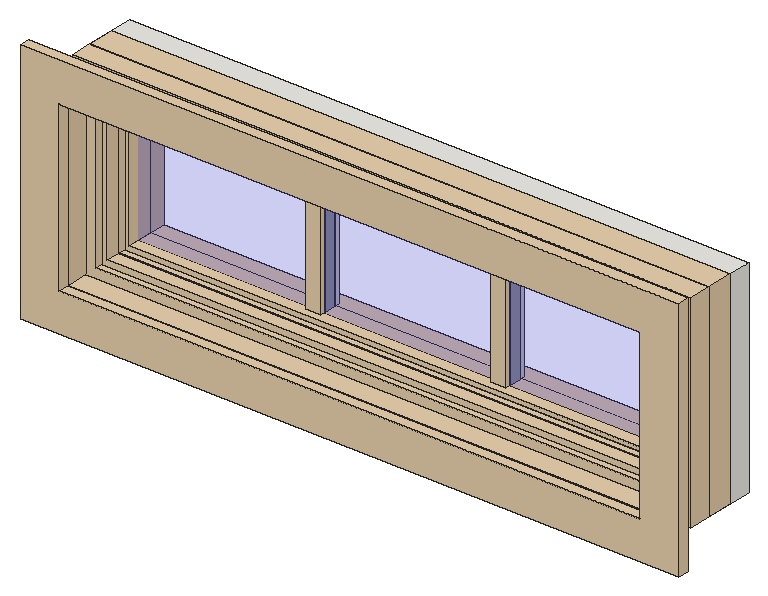
Revit family "1 Window-Transom_Fixed-Andersen-400_Series_Single", category Windows, host Wall, Revit 2014 (continued)
Dimensions and locks (in)
  aligned and locked: plane 8 "L Glazing" to Sweep 14 sketch curve
  aligned and locked: Sweep 14 sketch curve to plane 49 "Frame S2"
  aligned and locked: plane 10 "L Stop" to Sweep 14 sketch curve
  aligned and locked: Sweep 14 sketch curve to plane 48 "Sash1 S2"
  aligned and locked: plane 38 "B Ext Frame" to nested 1
  aligned and locked: plane 9 "L Ext Frame" to nested 1
  aligned and locked: nested 1 to plane 48 "Sash1 S2"
  aligned and locked: plane 46 "Frame S1" to curve 165
  aligned and locked: plane 59 "Sash1 S1" to curve 165
  aligned and locked: plane 19 "R Ext Frame" to curve 165
  aligned and locked: plane 19 "R Ext Frame" to curve 166
  aligned and locked: plane 18 "R Glazing" to curve 166
  aligned and locked: plane 59 "Sash1 S1" to curve 166
  aligned and locked: plane 46 "Frame S1" to curve 167
  aligned and locked: plane 59 "Sash1 S1" to curve 167
  aligned and locked: plane 9 "L Ext Frame" to curve 167
  aligned and locked: plane 9 "L Ext Frame" to curve 168
  aligned and locked: plane 59 "Sash1 S1" to curve 7
Automatic sketch dimensions
  curve 15 to curve 15 = 0' - 0 3/16"
  Sweep 12 sketch curve to profile plane = 0' - 0"
  curve 104 to curve 52 = 0' - 0.655"
  curve 52 to curve 58 = 0' - 0 7/16"
  curve 53 to curve 54 = 0' - 0 11/16"
  curve 54 to curve 64 = 0' - 0 7/8"
  curve 64 to curve 62 = 0' - 0 5/8"
  curve 62 to curve 56 = 0' - 0 1/4"
  curve 56 to curve 56 = 0' - 0 1/8"
  curve 107 to curve 104 = 0' - 0.595"
  curve 51 to curve 51 = 0' - 0.193"
  curve 54 to curve 60 = 0' - 0 1/8"
  curve 61 to curve 63 = 0' - 0 1/8"
  curve 65 to curve 50 = 0' - 0 7/8"
  curve 55 to curve 50 = 0' - 0.312"
  curve 54 to curve 64 = 0' - 0"
  curve 63 to curve 62 = 0' - 0.11677"
  curve 54 to curve 58 = 0' - 0.11677"
  curve 53 to curve 106 = 0' - 0.13323"
  curve 62 to curve 103 = 0' - 0 7/16"
  curve 52 to curve 107 = 0' - 0 5/16"
  curve 62 to curve 55 = 0' - 0.07073"
  curve 62 to curve 64 = 0' - 0.33573"
  curve 104 to curve 105 = 0' - 0.235"
  curve 55 to curve 55 = 0' - 1"
  curve 56 to curve 57 = 0' - 0 1/16"
  curve 59 to curve 63 = 0' - 0"
  curve 60 to curve 54 = 0' - 0"
  curve 54 to curve 61 = 0' - 0 1/8"
  curve 50 to curve 65 = 0' - 0 9/16"
  curve 65 to curve 65 = 0' - 1 5/8"
  curve 133 to curve 118 = 0' - 0.655"
  curve 118 to curve 124 = 0' - 0 7/16"
  curve 119 to curve 120 = 0' - 0 11/16"
  curve 120 to curve 130 = 0' - 0 7/8"
  curve 130 to curve 128 = 0' - 0 5/8"
  curve 128 to curve 122 = 0' - 0 1/4"
  curve 122 to curve 122 = 0' - 0 1/8"
  curve 136 to curve 133 = 0' - 0.595"
  curve 117 to curve 117 = 0' - 0.193"
  curve 120 to curve 126 = 0' - 0 1/8"
  curve 127 to curve 129 = 0' - 0 1/8"
  curve 131 to curve 116 = 0' - 0 7/8"
  curve 121 to curve 116 = 0' - 0.312"
  curve 120 to curve 130 = 0' - 0"
  curve 129 to curve 128 = 0' - 0.11677"
  curve 120 to curve 124 = 0' - 0.11677"
  curve 119 to curve 135 = 0' - 0.13323"
  curve 128 to curve 132 = 0' - 0 7/16"
  curve 118 to curve 136 = 0' - 0 5/16"
  curve 128 to curve 121 = 0' - 0.07073"
  curve 128 to curve 130 = 0' - 0.33573"
  curve 133 to curve 134 = 0' - 0.235"
  curve 121 to curve 121 = 0' - 1"
  curve 122 to curve 123 = 0' - 0 1/16"
  curve 125 to curve 129 = 0' - 0"
  curve 126 to curve 120 = 0' - 0"
  curve 120 to curve 127 = 0' - 0 1/8"
  curve 116 to curve 131 = 0' - 0 9/16"
  curve 131 to curve 131 = 0' - 1 5/8"
  curve 160 to curve 145 = 0' - 0.655"
  curve 145 to curve 151 = 0' - 0 7/16"
  curve 146 to curve 147 = 0' - 0 11/16"
  curve 147 to curve 157 = 0' - 0 7/8"
  curve 157 to curve 155 = 0' - 0 5/8"
  curve 155 to curve 149 = 0' - 0 1/4"
  curve 149 to curve 149 = 0' - 0 1/8"
  curve 163 to curve 160 = 0' - 0.595"
  curve 144 to curve 144 = 0' - 0.193"
  curve 147 to curve 153 = 0' - 0 1/8"
  curve 154 to curve 156 = 0' - 0 1/8"
  curve 158 to curve 143 = 0' - 0 7/8"
  curve 148 to curve 143 = 0' - 0.312"
  curve 147 to curve 157 = 0' - 0"
  curve 155 to curve 156 = 0' - 0.11677"
  curve 151 to curve 147 = 0' - 0.11677"
  curve 162 to curve 146 = 0' - 0.13323"
  curve 159 to curve 155 = 0' - 0 7/16"
  curve 163 to curve 145 = 0' - 0 5/16"
  curve 148 to curve 155 = 0' - 0.07073"
  curve 157 to curve 155 = 0' - 0.33573"
  curve 161 to curve 160 = 0' - 0.235"
  curve 148 to curve 148 = 0' - 1"
  curve 150 to curve 149 = 0' - 0 1/16"
  curve 152 to curve 156 = 0' - 0"
  curve 153 to curve 147 = 0' - 0"
  curve 154 to curve 147 = 0' - 0 1/8"
  curve 158 to curve 143 = 0' - 0 9/16"
  curve 158 to curve 158 = 0' - 1 5/8"
  curve 85 to curve 20 = 0' - 0.08"
  curve 19 to curve 140 = 0' - 0.4665"
  curve 19 to curve 137 = 0' - 0.7325"
  curve 88 to curve 67 = 0' - 0 5/16"
  curve 21 to curve 20 = 0' - 0.31933"
  curve 20 to curve 86 = 0' - 0.05314"
  curve 66 to curve 18 = 0' - 0 5/16"
  curve 86 to curve 86 = 0' - 0.43976"
  curve 18 to curve 22 = 0' - 0 1/4"
  curve 31 to curve 21 = 0' - 0.06277"
  curve 17 to curve 85 = 0' - 2 1/16"
  curve 17 to curve 85 = 0' - 0 9/16"
  curve 35 to curve 21 = 0' - 0 1/8"
  curve 18 to curve 87 = 0' - 0.18723"
  curve 35 to curve 33 = 0' - 0 1/8"
  curve 35 to curve 34 = 0' - 0 1/8"
  curve 88 to curve 67 = 0' - 0 21/32"
  curve 18 to curve 22 = 0' - 1 1/8"
  curve 22 to curve 21 = 0' - 0 7/8"
  curve 21 to curve 86 = 0' - 0 5/8"
  curve 21 to curve 97 = 0' - 0 7/8"
  curve 86 to curve 20 = 0' - 0 3/8"
  curve 67 to curve 88 = 0' - 0 19/32"
  curve 140 to curve 88 = 0' - 0.19175"
  curve 23 to curve 22 = 0' - 0 11/16"
  curve 22 to curve 34 = 0' - 0 1/8"
  curve 33 to curve 21 = 0' - 0 1/8"
  curve 17 to curve 85 = 0' - 0 7/8"
  curve 19 to curve 97 = 0' - 0.312"
  curve 89 to curve 27 = 0' - 0.08"
  curve 26 to curve 141 = 0' - 0.4665"
  curve 26 to curve 138 = 0' - 0.7325"
  curve 92 to curve 69 = 0' - 0 5/16"
  curve 28 to curve 27 = 0' - 0.31933"
  curve 27 to curve 90 = 0' - 0.05314"
  curve 68 to curve 25 = 0' - 0 5/16"
  curve 90 to curve 90 = 0' - 0.43976"
  curve 25 to curve 29 = 0' - 0 1/4"
  curve 32 to curve 28 = 0' - 0.06277"
  curve 24 to curve 89 = 0' - 2 1/16"
  curve 24 to curve 89 = 0' - 0 9/16"
  curve 38 to curve 28 = 0' - 0 1/8"
  curve 25 to curve 91 = 0' - 0.18723"
  curve 38 to curve 36 = 0' - 0 1/8"
  curve 38 to curve 37 = 0' - 0 1/8"
  curve 92 to curve 69 = 0' - 0 21/32"
  curve 25 to curve 29 = 0' - 1 1/8"
  curve 29 to curve 28 = 0' - 0 7/8"
  curve 28 to curve 90 = 0' - 0 5/8"
  curve 28 to curve 98 = 0' - 0 7/8"
  curve 90 to curve 27 = 0' - 0 3/8"
  curve 69 to curve 92 = 0' - 0 19/32"
  curve 141 to curve 92 = 0' - 0.19175"
  curve 30 to curve 29 = 0' - 0 11/16"
  curve 29 to curve 37 = 0' - 0 1/8"
  curve 36 to curve 28 = 0' - 0 1/8"
  curve 24 to curve 89 = 0' - 0 7/8"
  curve 26 to curve 98 = 0' - 0.312"
  curve 93 to curve 42 = 0' - 0.08"
  curve 41 to curve 142 = 0' - 0.4665"
  curve 41 to curve 139 = 0' - 0.7325"
  curve 96 to curve 71 = 0' - 0 5/16"
  curve 43 to curve 42 = 0' - 0.31933"
  curve 42 to curve 94 = 0' - 0.05314"
  curve 70 to curve 40 = 0' - 0 5/16"
  curve 94 to curve 94 = 0' - 0.43976"
  curve 40 to curve 44 = 0' - 0 1/4"
  curve 46 to curve 43 = 0' - 0.06277"
  curve 39 to curve 93 = 0' - 2 1/16"
  curve 39 to curve 93 = 0' - 0 9/16"
  curve 49 to curve 43 = 0' - 0 1/8"
  curve 40 to curve 95 = 0' - 0.18723"
  curve 49 to curve 47 = 0' - 0 1/8"
  curve 49 to curve 48 = 0' - 0 1/8"
  curve 71 to curve 96 = 0' - 0 21/32"
  curve 44 to curve 40 = 0' - 1 1/8"
  curve 43 to curve 44 = 0' - 0 7/8"
  curve 94 to curve 43 = 0' - 0 5/8"
  curve 99 to curve 43 = 0' - 0 7/8"
  curve 42 to curve 94 = 0' - 0 3/8"
  curve 96 to curve 71 = 0' - 0 19/32"
  curve 96 to curve 142 = 0' - 0.19175"
  curve 44 to curve 45 = 0' - 0 11/16"
  curve 48 to curve 44 = 0' - 0 1/8"
  curve 43 to curve 47 = 0' - 0 1/8"
  curve 93 to curve 39 = 0' - 0 7/8"
  curve 99 to curve 41 = 0' - 0.312"
  Extrusion 8 sketch curve to plane 38 "B Ext Frame" = 0' - 0.18664"
  plane 65 "T Stop" to Extrusion 8 sketch curve = 0' - 0 1/4"
  plane 29 "T Ext Frame" to Extrusion 8 sketch curve = 0' - 0.18689"
  Extrusion 8 sketch curve to plane 66 "B Stop" = 0' - 0 1/4"
  plane 9 "L Ext Frame" to Extrusion 8 sketch curve = 0' - 0.0175"
  Extrusion 8 sketch curve to plane 19 "R Ext Frame" = 0' - 0.0175"
  curve 112 to plane 44 "Casing S1" = 0' - 0"
  Sweep 14 sketch curve to plane 47 "Flange" = 0' - 0"
  curve 5 to plane 22 "R Casing 1" = 0' - 0"
  curve 5 to plane 46 "Frame S1" = 0' - 0"
  curve 16 to plane 46 "Frame S1" = 0' - 0"
  curve 15 to plane 4 "R Frame" = 0' - 0"
  curve 15 to plane 46 "Frame S1" = 0' - 0"
  host wall to curve 9 = 0' - 0"
  curve 164 to plane 12 "L Casing 1" = 0' - 0"
Nested families (in)
  nested 1: "Andersen_Sash_Panel" at (17.4375, 2.5625, 70.81311) x (-1, 0, 0) z (0, 0, 1), type "Andersen_Sash_Panel"
    with Material_Top_Setback 0' - 0 1/32", Material_Right_Setback 0' - 0 1/32", Material_Left_Setback 0' - 0 1/32", Material_Bottom_Setback 0' - 0 1/32", SingleHorzLocation 0' - 3 3/4", Panel_Height 0' - 10 7/8", MultipleHorBarVisibility no, LightsHigh 1, DLOVertical 0' - 4", BottomBarLocation 0' - 3 5/16", BarLengthVertical 0' - 7 1/2", - Lights High 1
Definition of nested family "Andersen_Sash_Panel"
  Parameters (values of type "Andersen_Sash_Panel")
    VertBarQuantity = if(LightsWide < 3, 2, LightsWide - 1)  # 2
    TFL = if(Fractional_Lights_High > 5, 3, if(or(Fractional_Lights_High = 4, Fractional_Lights_High = 5), 2, if(or(Fractional_Lights_High = 2, Fractional_Lights_High = 3), 1, 1)))  # 2
    TFB = TFL - 1  # 1
    Stile_Right = 0' - 1 11/16"
    Stile_Left = 0' - 1 11/16"
    StandardLightsHigh = 3
    SingleVertLocation = (Panel_Width - Stile_Right - Stile_Left) / 2  # 1' - 3 3/4"
    SingleVertBarVisibility = LightsWide = 2  # no
    SingleHorzLocation = (BarLengthVertical) / 2  # 1' - 3 3/4"
    SingleHorBarVisibility = or(or(or(and(LightsHigh = 2, PatternNumber = 1), and(PatternNumber = 4, Fractional_Lights_High > 1)), and(PatternNumber = 5, Fractional_Lights_High > 1)), and(PatternNumber = 2, Fractional_Lights_High > 1))  # no
    S H Fractional = and(PatternNumber = 2, or(Fractional_Lights_High = 4, Fractional_Lights_High = 5))  # no
    Rail_Top = 0' - 1 11/16"
    Rail_Bottom = 0' - 1 11/16"
    PatternNumber = 1
    Panel_Width = 2' - 10 7/8"
    Panel_Thickness = 0' - 2 9/16"
    Panel_Height = 2' - 10 7/8"
    MultipleVertBar Visibility = and(not(PatternNumber = 0), LightsWide > 2)  # yes
    MultipleHorBarVisibility = or(or(PatternNumber = 3, and(LightsHigh > 2, PatternNumber = 1)), and(PatternNumber = 2, Fractional_Lights_High > 5))  # yes
    Material_Top_Setback [instance] = 0' - 0 1/32"
    Material_Right_Setback [instance] = 0' - 0 1/32"
    Material_Left_Setback [instance] = 0' - 0 1/32"
    Material_Interior = Wood - Andersen - Pine
    Material_Exterior = Vinyl - Andersen - White
    Material_Bottom_Setback [instance] = 0' - 0 1/32"
    LightsWide = if(PatternNumber = 3, 3, [- Lights Wide])  # 3
    LightsHigh = if(PatternNumber = 2, [- Lights High] - 1, if(PatternNumber = 3, 3, [- Lights High]))  # 3
    Interior Bar Thickness = 0' - 0 23/64"
    HorBarQuantity = if(LightsHigh < 3, 2, LightsHigh - 1)  # 2
    GrilleBarSizeInt = 4
    GrilleBarSize = 0' - 0 7/8"
    Glazing = Glass ‐ Andersen - Low-E4 SmartSun
    Glass SetBack = 0' - 1"
    Glass Pane Thickness = 0' - 0 1/8"
    Glass OA Thickness = 0' - 0 7/8"
    Fractional_Lights_Wide = 3
    Fractional_Lights_High = 5
    Exterior Bar Thickness = 0' - 0 77/256"
    DLOVertical = if(PatternNumber = 1, if(LightsHigh > 2, ((BarLengthVertical - (GrilleBarSize * (LightsHigh - 1))) / LightsHigh), 0' 4"), if(PatternNumber = 3, 0' 4", if(Fractional_Lights_High > 2, ((BarLengthVertical - (GrilleBarSize * 2)) / 3), 0' 4")))  # 0' - 9.91667"
    DLOHorizontal = if(PatternNumber = 3, 0' 4", ((Panel_Width - Stile_Right - Stile_Left) - (GrilleBarSize * VertBarQuantity)) / if(LightsWide > 2, LightsWide, 3))  # 0' - 9.91667"
    BottomBarVisibility = and(PatternNumber = 2, or(Fractional_Lights_High = 4, Fractional_Lights_High = 5))  # no
    BottomBarLocation = if(PatternNumber = 1, ((Panel_Height - Rail_Top - Rail_Bottom) / 2) - (GrilleBarSize / 2), BarLengthVertical)  # 1' - 3 5/16"
    Between Glass Grille Bar Color = Stainless Steel - Andersen - Standard
    BarLengthVertical = if(or(PatternNumber = 5, PatternNumber = 2), ((((Panel_Height - Rail_Top - Rail_Bottom - (GrilleBarSize * (Fractional_Lights_High - 1))) / Fractional_Lights_High)) * TFL) + (TFB * GrilleBarSize) + Rail_Top, if(PatternNumber = 4, ((Panel_Height - Rail_Top - Rail_Bottom - (GrilleBarSize * (Fractional_Lights_High - 1))) / Fractional_Lights_High), Panel_Height - Rail_Top - Rail_Bottom))  # 2' - 7 1/2"
    BarLengthHorizontal = Panel_Width - Stile_Right - Stile_Left  # 2' - 7 1/2"
    BarIntVisibility = yes
    BarExtVisibility = yes
    BarBetweenGlassVisibility = yes
    Analytic Construction = "<None>"
    - Lights Wide = 3
    - Lights High = 3
  Reference planes (in)
    plane 1 "Front": y = 0
    plane 2 "Bottom": z = 0
    plane 3 "Left": x = 0
    plane 4 "Top": z = 34.875
    plane 5 "Right": x = 34.875
    plane 6 "Glazing Left": x = 1.6875
    plane 7 "Glazing Bottom": z = 1.6875
    plane 8 "Glazing Right": x = 33.1875
    plane 9 "Glazing Top": z = 33.1875
    plane 10 "GlazingA": y = 1
    plane 11 "GlazingB": y = 1.875
    plane 12 "Back": y = 2.5625
    plane 13: z = 1.6875
  Forms (in)
    Extrusion 1, solid, material "Wood - Andersen - Pine" <- "Material_Interior"
      sketch origin (0, 0, 0) x (1, 0, 0) y (0, 0, 1)
        loop
          line (0, 34.875) -> (0, 0) -> (34.875, 0) -> (34.875, 34.875) -> (0, 34.875)
        loop
          line (1.6875, 33.1875) -> (1.6875, 1.6875) -> (33.1875, 1.6875) -> (33.1875, 33.1875) -> (1.6875, 33.1875)
      from -2.5625 to 0
    Extrusion 2, solid, material "Glass ‐ Andersen - Low-E4 SmartSun" <- "Glazing"
      sketch origin (0, 0, 0) x (1, 0, 0) y (0, 0, 1)
        loop
          line (1.6875, 33.1875) -> (1.6875, 1.6875) -> (33.1875, 1.6875) -> (33.1875, 33.1875) -> (1.6875, 33.1875)
      from -1.875 to -1
  Lines and regions (in)
    Split face 1
      outline origin (0, 0, 34.875) x (1, 0, 0) y (0, 1, 0)
        loop
          line (0, 0.03125) -> (34.875, 0.03125)
    Split face 2
      outline origin (34.875, 0, 34.875) x (0, 0, -1) y (0, 1, 0)
        loop
          line (0, 0.03125) -> (34.875, 0.03125)
    Split face 3
      outline origin (0, 0, 0) x (0, 0, 1) y (0, 1, 0)
        loop
          line (34.875, 0.03125) -> (0, 0.03125)
    Split face 4
      outline origin (34.875, 0, 0) x (0, 1, 0) y (-1, 0, 0)
        loop
          line (0.03125, 34.875) -> (0.03125, 0)
    Split face 5
      outline origin (33.1875, 0.625, 1.6875) x (-1, 0, 0) y (0, -1, 0)
        loop
          line (31.5, -0.375) -> (0, -0.375)
        loop
          line (31.5, -1.25) -> (0, -1.25)
    Split face 6
      outline origin (1.6875, 0, 1.6875) x (0, 0, 1) y (0, -1, 0)
        loop
          line (0, -1) -> (31.5, -1)
        loop
          line (31.5, -1.875) -> (0, -1.875)
    Split face 7
      outline origin (33.1875, 0, 33.1875) x (0, 0, -1) y (0, -1, 0)
        loop
          line (31.5, -1) -> (0, -1)
        loop
          line (0, -1.875) -> (31.5, -1.875)
    Split face 8
      outline origin (1.6875, 0, 33.1875) x (0, -1, 0) y (1, 0, 0)
        loop
          line (-1, 0) -> (-1, 31.5)
        loop
          line (-1.875, 0) -> (-1.875, 31.5)
    symbolic lines, style "WindowsGlassProjection", detail levels medium+fine
      curve 1: line (1.6875, 1, 0) -> (33.1875, 1, 0)
      curve 2: line (1.6875, 1.875, 0) -> (33.1875, 1.875, 0)
    symbolic lines, style "WindowsGlassProjection"
      curve 3: line (0, 1, 33.1875) -> (0, 1, 1.6875)
      curve 4: line (0, 1.875, 33.1875) -> (0, 1.875, 1.6875)
    symbolic lines, style "WindowsGlassProjection", detail levels fine
      curve 5: line (1.6875, 1.125, 0) -> (33.1875, 1.125, 0)
      curve 6: line (1.6875, 1.75, 0) -> (33.1875, 1.75, 0)
      curve 7: line (0, 1.75, 33.1875) -> (0, 1.75, 1.6875)
      curve 8: line (0, 1.125, 33.1875) -> (0, 1.125, 1.6875)
  Dimensions and locks (in)
    "Panel_Width": plane 5 "Right" to plane 3 "Left"
    "Panel_Height": plane 4 "Top" to plane 2 "Bottom"
    "Stile_Left": plane 6 "Glazing Left" to plane 3 "Left"
    "Stile_Right": plane 5 "Right" to plane 8 "Glazing Right"
    "Rail_Bottom": plane 7 "Glazing Bottom" to plane 2 "Bottom"
    "Rail_Top": plane 4 "Top" to plane 9 "Glazing Top"
    "Panel_Thickness": plane 1 "Front" to plane 12 "Back"
    "Material_Top_Setback": Extrusion 1 to Split face 1 sketch curve
    "Material_Right_Setback": Extrusion 1 to Split face 2 sketch curve
    "Material_Left_Setback": Split face 3 sketch curve to Extrusion 1
    "Material_Bottom_Setback": Extrusion 1 to Split face 4 sketch curve
    "BarLengthVertical": plane 9 "Glazing Top" to plane 13
    plane 8 "Glazing Right" to plane 6 "Glazing Left" = 2' - 7 1/2"
    group 1 to group 2 = 0' - 10.79167"
    group 1 to group 2 = 0' - 0"  (x2)
    "DLOHorizontal": nested 1 to plane 6 "Glazing Left"
    "DLOHorizontal": plane 8 "Glazing Right" to nested 2
    "Glass SetBack": plane 1 "Front" to plane 10 "GlazingA"
    "Glass Pane Thickness": curve 5 to plane 10 "GlazingA"
    "Glass OA Thickness": plane 11 "GlazingB" to plane 10 "GlazingA"
    "Glass Pane Thickness": plane 11 "GlazingB" to curve 6
    "Glass Pane Thickness": plane 11 "GlazingB" to curve 7
    "Glass Pane Thickness": curve 8 to plane 10 "GlazingA"
    "SingleVertLocation": nested 3 to plane 6 "Glazing Left"
    group 3 to group 4 = 0' - 0"  (x2)
    group 3 to group 4 = 0' - 10.79167"
    "DLOVertical": plane 9 "Glazing Top" to nested 6
    "DLOVertical": nested 5 to plane 13
    equal spacing: plane 9 "Glazing Top", nested 7, nested 4
    "BottomBarLocation": plane 9 "Glazing Top" to nested 4
    aligned and locked: plane 2 "Bottom" to level
    aligned and locked: Extrusion 1 sketch curve to plane 4 "Top"
    aligned and locked: Extrusion 1 sketch curve to plane 9 "Glazing Top"
    aligned and locked: Extrusion 1 sketch curve to plane 5 "Right"
    aligned and locked: Extrusion 1 sketch curve to plane 8 "Glazing Right"
    aligned and locked: plane 2 "Bottom" to Extrusion 1 sketch curve
    aligned and locked: plane 7 "Glazing Bottom" to Extrusion 1 sketch curve
    aligned and locked: plane 3 "Left" to Extrusion 1 sketch curve
    aligned and locked: plane 6 "Glazing Left" to Extrusion 1 sketch curve
    aligned and locked: plane 12 "Back" to Extrusion 1
    aligned and locked: plane 1 "Front" to Extrusion 1
    aligned and locked: Extrusion 2 sketch curve to plane 9 "Glazing Top"
    aligned and locked: Extrusion 2 sketch curve to plane 8 "Glazing Right"
    aligned and locked: plane 7 "Glazing Bottom" to Extrusion 2 sketch curve
    aligned and locked: plane 6 "Glazing Left" to Extrusion 2 sketch curve
    aligned and locked: plane 11 "GlazingB" to Extrusion 2
    aligned and locked: Extrusion 2 to plane 10 "GlazingA"
    aligned and locked: Split face 5 sketch curve to plane 10 "GlazingA"
    aligned and locked: Split face 5 sketch curve to plane 11 "GlazingB"
    aligned and locked: Split face 6 sketch curve to plane 10 "GlazingA"
    aligned and locked: plane 11 "GlazingB" to Split face 6 sketch curve
    aligned and locked: Split face 7 sketch curve to plane 10 "GlazingA"
    aligned and locked: plane 11 "GlazingB" to Split face 7 sketch curve
    aligned and locked: Split face 8 sketch curve to plane 10 "GlazingA"
    aligned and locked: Split face 8 sketch curve to plane 11 "GlazingB"
    aligned and locked: curve 2 to plane 11 "GlazingB"
    aligned and locked: plane 7 "Glazing Bottom" to curve 3
    aligned and locked: plane 10 "GlazingA" to curve 3
    aligned and locked: plane 9 "Glazing Top" to curve 4
    aligned and locked: plane 11 "GlazingB" to curve 4
    aligned and locked: plane 6 "Glazing Left" to curve 6
    aligned and locked: plane 8 "Glazing Right" to curve 6
    aligned and locked: Split face 5 to plane 10 "GlazingA"
    aligned and locked: plane 9 "Glazing Top" to nested 1
    aligned and locked: plane 9 "Glazing Top" to nested 2
    aligned and locked: plane 9 "Glazing Top" to nested 3
    aligned and locked: plane 6 "Glazing Left" to nested 4
    aligned and locked: nested 6 to plane 6 "Glazing Left"
    aligned and locked: nested 5 to plane 6 "Glazing Left"
    aligned and locked: plane 6 "Glazing Left" to nested 7
  Automatic sketch dimensions
    Split face 1 sketch curve to Extrusion 1 = 0' - 0"  (x2)
    Split face 2 sketch curve to Extrusion 1 = 0' - 0"
    Extrusion 1 to Split face 2 sketch curve = 0' - 0"
    Extrusion 1 to Split face 3 sketch curve = 0' - 0"
    Split face 3 sketch curve to Extrusion 1 = 0' - 0"
    Split face 4 sketch curve to Extrusion 1 = 0' - 0"  (x2)
    Split face 5 sketch curve to Extrusion 1 = 0' - 0"  (x4)
    Split face 6 sketch curve to Extrusion 1 = 0' - 0"  (x2)
    Extrusion 1 to Split face 6 sketch curve = 0' - 0"  (x2)
    Extrusion 1 to Split face 7 sketch curve = 0' - 0"  (x2)
    Split face 7 sketch curve to Extrusion 1 = 0' - 0"  (x2)
    Split face 8 sketch curve to Extrusion 1 = 0' - 0"  (x4)
    curve 1 to plane 10 "GlazingA" = 0' - 0"
    curve 7 to plane 9 "Glazing Top" = 0' - 0"
    curve 3 to plane 9 "Glazing Top" = 0' - 0"
    curve 8 to plane 9 "Glazing Top" = 0' - 0"
    curve 7 to plane 7 "Glazing Bottom" = 0' - 0"
    curve 4 to plane 7 "Glazing Bottom" = 0' - 0"
    curve 8 to plane 7 "Glazing Bottom" = 0' - 0"
    curve 2 to plane 6 "Glazing Left" = 0' - 0"
    curve 5 to plane 6 "Glazing Left" = 0' - 0"
    curve 1 to plane 6 "Glazing Left" = 0' - 0"
    curve 5 to plane 8 "Glazing Right" = 0' - 0"
    curve 2 to plane 8 "Glazing Right" = 0' - 0"
    curve 1 to plane 8 "Glazing Right" = 0' - 0"
  Nested families (in)
    nested 1: "Andersen_Grille_Bar" at (12.04167, 1, 17.4375) x (1, 0, 0) z (0, -1, 0), Bar Width <- "GrilleBarSize", Bar Length <- "BarLengthVertical", visible <- "MultipleVertBar Visibility", type "Andersen_Grille_Bar"
      with Center Line Length 2' - 7 15/16", Center Line 1, Bar Width 0' - 0 7/8", Bar Length 2' - 7 1/2", Glass OA Thickness 0' - 0 7/8"
    nested 2: "Andersen_Grille_Bar" at (22.83333, 1, 17.4375) x (1, 0, 0) z (0, -1, 0), Bar Width <- "GrilleBarSize", Bar Length <- "BarLengthVertical", visible <- "MultipleVertBar Visibility", type "Andersen_Grille_Bar"
      with Center Line Length 2' - 7 15/16", Center Line 1, Bar Width 0' - 0 7/8", Bar Length 2' - 7 1/2", Glass OA Thickness 0' - 0 7/8"
    nested 3: "Andersen_Grille_Bar" at (17.4375, 1, 17.4375) x (1, 0, 0) z (0, -1, 0), Bar Width <- "GrilleBarSize", visible <- "SingleVertBarVisibility", Bar Length <- "BarLengthVertical", type "Andersen_Grille_Bar"
      with Center Line Length 2' - 7 15/16", Center Line 1, Bar Width 0' - 0 7/8", Bar Length 2' - 7 1/2", Glass OA Thickness 0' - 0 7/8"
    nested 4: "Andersen_Grille_Bar" at (17.4375, 1, 17.4375) x (0, 0, -1) z (0, -1, 0), Bar Width <- "GrilleBarSize", Bar Length <- "BarLengthHorizontal", visible <- "SingleHorBarVisibility", type "Andersen_Grille_Bar"
      with Center Line Length 2' - 7 15/16", Center Line 1, Bar Width 0' - 0 7/8", Bar Length 2' - 7 1/2", Glass OA Thickness 0' - 0 7/8"
    nested 5: "Andersen_Grille_Bar" at (17.4375, 1, 12.04167) x (0, 0, 1) z (0, -1, 0), Bar Width <- "GrilleBarSize", Bar Length <- "BarLengthHorizontal", visible <- "MultipleHorBarVisibility", type "Andersen_Grille_Bar"
      with Center Line Length 2' - 7 15/16", Center Line 1, Bar Width 0' - 0 7/8", Bar Length 2' - 7 1/2", Glass OA Thickness 0' - 0 7/8"
    nested 6: "Andersen_Grille_Bar" at (17.4375, 1, 22.83333) x (0, 0, 1) z (0, -1, 0), Bar Width <- "GrilleBarSize", Bar Length <- "BarLengthHorizontal", visible <- "MultipleHorBarVisibility", type "Andersen_Grille_Bar"
      with Center Line Length 2' - 7 15/16", Center Line 1, Bar Width 0' - 0 7/8", Bar Length 2' - 7 1/2", Glass OA Thickness 0' - 0 7/8"
    nested 7: "Andersen_Grille_Bar" at (17.4375, 1, 25.53125) x (0, 0, -1) z (0, -1, 0), Bar Width <- "GrilleBarSize", Bar Length <- "BarLengthHorizontal", visible <- "S H Fractional", type "Andersen_Grille_Bar"
      with Center Line Length 2' - 7 15/16", Center Line 1, Bar Width 0' - 0 7/8", Bar Length 2' - 7 1/2", Glass OA Thickness 0' - 0 7/8"
  Definition of nested family "Andersen_Grille_Bar"
    Parameters (values of type "Andersen_Grille_Bar")
      Interior Bar Visibility = yes
      Interior Bar Thickness = 0' - 0 27/128"
      Interior Bar Material = Wood - Andersen - Pine
      Glass Pane Thickness = 0' - 0 1/8"
      Glass OA Thickness = 0' - 0 5/8"
      Exterior Bar Visibility = yes
      Exterior Bar Thickness = 0' - 0 27/128"
      Exterior Bar Finish = none
      Default Elevation = 4' - 0"
      Center Line Length [instance] = if(Center Line = 1, Bar Length + (Bar Width / 2), Bar Length)  # 0' - 4 7/16"
      Center Line [instance] = 1
      Between Glass Bar Visibility = yes
      Between Glass Bar Finish = Stainless Steel - Andersen - Standard
      Bar Width [instance] = 0' - 0 7/8"
      Bar Length [instance] = 0' - 4"
    Reference planes (in)
      plane 1 "Center (Front/Back)": y = 0
      plane 2 "a": z = 0
      plane 3 "Center (Left/Right)": x = 0
      plane 4 "1": x = -0.4375
      plane 5 "2": x = 0.4375
      plane 6: y = 2
      plane 7: y = -2
      plane 8 "b": z = -0.625
      plane 9: y = -2.4375
      plane 10 "a1": z = 12
      plane 11 "a2": z = -12
    Forms (in)
      Extrusion 1, solid
        sketch origin (0, 0, 0) x (1, 0, 0) y (0, 1, 0)
          loop
            line (-48, 48) -> (-48, -48) -> (48, -48) -> (48, 48) -> (-48, 48)
        from 0 to -12
      Extrusion 2, solid, material <- "Exterior Bar Finish", visible <- "Exterior Bar Visibility", detail levels fine
        sketch origin (0, 0, 0) x (1, 0, 0) y (0, 1, 0)
          loop
            line (-0.4375, 2) -> (-0.4375, -2) -> (0.4375, -2) -> (0.4375, 2) -> (-0.4375, 2)
        from 0 to 0.21094
      Extrusion 3, solid, material "Stainless Steel - Andersen - Standard" <- "Between Glass Bar Finish", visible <- "Between Glass Bar Visibility", detail levels fine
        sketch origin (0, 0, 0) x (1, 0, 0) y (0, 1, 0)
          loop
            line (-0.4375, 2) -> (-0.4375, -2) -> (0.4375, -2) -> (0.4375, 2) -> (-0.4375, 2)
        from -0.5 to -0.125
      Extrusion 4, solid, material "Wood - Andersen - Pine" <- "Interior Bar Material", visible <- "Interior Bar Visibility", detail levels fine
        sketch origin (0, 0, 0) x (1, 0, 0) y (0, 1, 0)
          loop
            line (-0.4375, 2) -> (-0.4375, -2) -> (0.4375, -2) -> (0.4375, 2) -> (-0.4375, 2)
        from -0.83594 to -0.625
    Lines and regions (in)
      model lines, style "GenericModel", detail levels coarse+medium
        curve 1: line (0, 2, 0) -> (0, -2.4375, 0)
      symbolic lines, style "GenericModel", detail levels coarse+medium
        curve 2: line (0, 2, 12) -> (0, -2.4375, 12)
    Dimensions and locks (in)
      "Glass OA Thickness": plane 2 "a" to plane 8 "b"
      "Exterior Bar Thickness": Extrusion 2 to Extrusion 2
      "Interior Bar Thickness": plane 8 "b" to Extrusion 4
      equal spacing: plane 4 "1", plane 3 "Center (Left/Right)", plane 5 "2"
      equal spacing: plane 6, plane 1 "Center (Front/Back)", plane 7
      "Bar Width": plane 4 "1" to plane 5 "2"
      "Bar Length": plane 6 to plane 7
      "Center Line Length": plane 6 to plane 9
      locked: plane 10 "a1" to plane 2 "a" at 12
      locked: plane 2 "a" to plane 11 "a2" at 12
      "Glass Pane Thickness": Extrusion 3 to plane 8 "b"
      "Glass Pane Thickness": plane 2 "a" to Extrusion 3
      aligned and locked: plane 2 "a" to Extrusion 1
      aligned and locked: level to Extrusion 1
      aligned and locked: Extrusion 2 to plane 2 "a"
      aligned and locked: Extrusion 2 to plane 4 "1"
      aligned and locked: plane 5 "2" to Extrusion 2
      aligned and locked: plane 6 to Extrusion 2
      aligned and locked: Extrusion 2 to plane 7
      aligned and locked: Extrusion 3 to plane 4 "1"
      aligned and locked: plane 5 "2" to Extrusion 3
      aligned and locked: plane 6 to Extrusion 3
      aligned and locked: Extrusion 3 to plane 7
      aligned and locked: plane 8 "b" to Extrusion 4
      aligned and locked: Extrusion 4 to plane 4 "1"
      aligned and locked: plane 5 "2" to Extrusion 4
      aligned and locked: plane 6 to Extrusion 4
      aligned and locked: Extrusion 4 to plane 7
      aligned and locked: plane 6 to curve 1
      aligned and locked: plane 9 to curve 1
      aligned and locked: curve 1 to plane 3 "Center (Left/Right)"
      aligned and locked: plane 6 to curve 2
      aligned and locked: plane 9 to curve 2
      aligned and locked: curve 2 to plane 3 "Center (Left/Right)"
    Automatic sketch dimensions
      Extrusion 1 sketch curve to Extrusion 1 sketch curve = 8' - 0"  (x2)
      plane 7 to Extrusion 2 sketch curve = 0' - 0"
      Extrusion 2 sketch curve to plane 5 "2" = 0' - 0 7/8"
      Extrusion 2 sketch curve to plane 6 = 0' - 0"
      Extrusion 2 sketch curve to Extrusion 2 sketch curve = 0' - 0 7/8"
      plane 7 to Extrusion 3 sketch curve = 0' - 0"
      Extrusion 3 sketch curve to plane 5 "2" = 0' - 0 7/8"
      Extrusion 3 sketch curve to plane 6 = 0' - 0"
      Extrusion 3 sketch curve to Extrusion 3 sketch curve = 0' - 0 7/8"
      Extrusion 4 sketch curve to plane 7 = 0' - 0"
      Extrusion 4 sketch curve to plane 5 "2" = 0' - 0 7/8"
      Extrusion 4 sketch curve to plane 6 = 0' - 0"
      Extrusion 4 sketch curve to Extrusion 4 sketch curve = 0' - 0 7/8"
